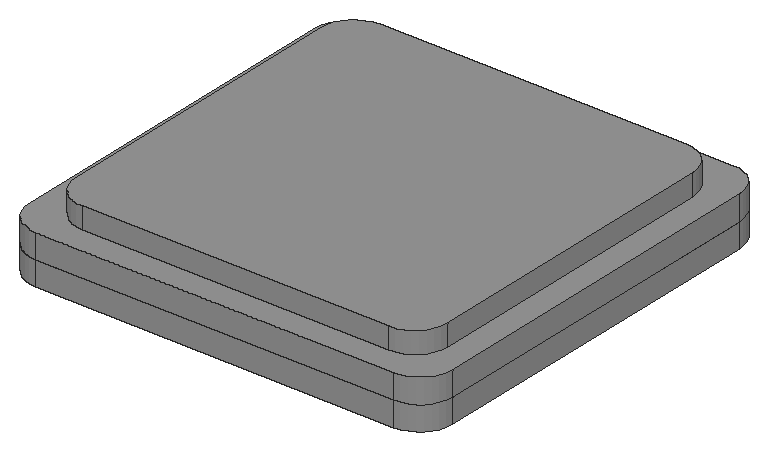
Revit family "FMS2_63_UN_Surface-mounted_ETK", category Lighting Fixtures, Revit 2019 (continued)
Definition of nested family "FMS.2 - Lightsource"
  Types (14, lengths in mm): name | Wattage Comments | Wattage | built-in parameter 1150134 | Photometric Web File | built-in parameter 1150142 | built-in parameter 1150105 | Lumens | built-in parameter 1150107 | built-in parameter 1150106 | Apparent Load
      1.4513\t0\t0\t0\t0\t0\r\n0\r\n473.6291\t473.3725\t472.9875\t472.6026\t472.2176\t471.7043\t471.0627\t470.4211\t469.9078\t469.2662\r\n468.6246\t467.983\t467.2131\t466.4432\t465.6733\t464.6467\t463.7485\t462.8502\t461.952\t460.9254\r\n459.8989\t458.744\t457.7174\t456.5626\t455.2794\t453.9962\t452.713\t451.4298\t450.0182\t448.6067\r\n447.1952\t445.7837\t444.3722\t442.8323\t441.1642\t439.6243\t437.9562\t436.288\t434.6198\t432.8234\r\n430.6419\t428.3322\t426.1507\t423.7126\t421.4029\t418.9648\t416.5267\t414.217\t411.7789\t409.3408\r\n406.7744\t404.3363\t401.8982\t399.3318\t396.8938\t394.199\t391.6326\t389.0662\t386.4998\t383.8051\r\n381.1104\t378.4157\t375.8493\t373.1546\t370.3315\t367.6368\t364.9421\t362.2474\t359.5526\t356.7296\r\n353.9066\t351.2118\t348.3888\t345.1808\t341.9728\t338.6365\t335.4285\t332.0922\t328.8842\t325.5478\r\n322.2115\t319.0035\t315.6672\t312.4592\t309.1229\t305.9149\t302.5786\t299.2422\t295.9059\t292.6979\r\n289.3616\t286.1536\t282.9456\t279.6093\t276.4013\t273.065\t269.857\t266.649\t263.441\t259.9763\r\n256.3834\t252.9187\t249.4541\t245.9894\t242.5248\t238.9318\t235.4672\t231.8742\t228.5379\t225.0733\r\n221.737\t218.2723\t214.936\t211.5997\t208.135\t204.7987\t201.4624\t198.1261\t194.9181\t191.4534\r\n187.7322\t184.1392\t180.5462\t176.825\t173.232\t169.639\t166.0461\t162.5814\t158.9885\t155.5238\r\n152.0592\t148.5946\t145.1299\t141.6653\t138.329\t134.8643\t131.3997\t127.9992\t124.5859\t121.1854\r\n117.8106\t114.4743\t111.1508\t107.8658\t104.5936\t101.3343\t98.1006\t94.867\t91.6333\t88.4381\r\n85.2686\t82.1248\t79.0066\t75.9269\t72.8601\t69.8317\t66.8291\t63.852\t60.9007\t57.9621\r\n55.2546\t52.6882\t50.1346\t47.5939\t45.0788\t42.5637\t40.0743\t37.5849\t35.1084\t32.6446\r\n29.9114\t23.9317\t17.9391\t11.9504\t5.9489\t0\t0\t0\t0\t0\r\n0\r\n473.6291\t473.3725\t473.1158\t472.7309\t472.3459\t471.8326\t471.3194\t470.6778\t470.1645\t469.5229\r\n469.0096\t468.368\t467.5981\t466.8282\t465.9299\t465.0317\t464.1334\t463.2352\t462.337\t461.3104\r\n460.1555\t459.129\t457.9741\t456.6909\t455.536\t454.1245\t452.8413\t451.4298\t450.0182\t448.6067\r\n447.0669\t445.6554\t443.9872\t442.4474\t440.7792\t439.111\t437.4429\t435.6464\t433.9782\t432.1818\r\n430.3853\t428.4605\t426.5357\t424.4826\t422.5578\t420.5046\t418.1949\t415.7568\t413.1904\t410.7523\r\n408.1859\t405.7478\t403.1814\t400.4867\t397.9203\t395.2256\t392.5309\t389.8362\t387.1414\t384.4467\r\n381.6237\t378.929\t376.1059\t373.2829\t370.4598\t367.6368\t364.8138\t361.9907\t359.0394\t356.2163\r\n353.265\t350.4419\t347.4906\t344.6675\t341.7162\t338.7648\t335.8134\t332.8621\t330.039\t327.0877\r\n324.1363\t321.185\t317.977\t314.5123\t311.0477\t307.7114\t304.2467\t300.9104\t297.5741\t294.1094\r\n290.6448\t287.3085\t283.9722\t280.6358\t277.1712\t273.7066\t270.3702\t267.0339\t263.6976\t260.233\r\n256.8966\t253.5603\t250.224\t246.8877\t243.423\t240.0867\t236.8787\t233.5424\t230.2061\t226.6131\r\n223.0202\t219.4272\t215.9626\t212.3696\t208.7766\t205.312\t201.719\t198.2544\t194.9181\t191.4534\r\n188.1171\t184.6525\t181.1878\t177.8515\t174.3869\t171.0506\t167.8426\t164.3779\t160.6566\t157.0637\r\n153.4707\t150.0061\t146.4131\t142.8202\t139.3555\t135.8909\t132.4262\t128.9616\t125.5868\t122.1991\r\n118.7858\t115.3982\t111.9592\t108.5972\t105.2609\t101.9502\t98.6652\t95.4059\t92.1851\t88.9899\r\n85.8204\t82.6894\t79.5841\t76.53\t73.5402\t70.576\t67.6375\t64.7246\t61.8502\t59.0015\r\n56.1785\t53.3683\t50.5966\t47.9788\t45.5151\t43.077\t40.6389\t38.2137\t35.8141\t33.4274\r\n31.0663\t28.718\t24.2525\t17.8236\t11.3858\t4.9378\t0\t0\t0\t0\r\n0\r\n473.6291\t473.3725\t473.1158\t472.8592\t472.6026\t472.0893\t471.576\t470.9344\t470.4211\t469.9078\r\n469.3946\t468.753\t467.983\t467.2131\t466.3149\t465.4166\t464.6467\t463.7485\t462.7219\t461.6954\r\n460.6688\t459.5139\t458.359\t457.0758\t455.7926\t454.3811\t453.0979\t451.6864\t450.2749\t448.735\r\n447.3235\t445.6554\t444.1155\t442.4474\t440.7792\t438.9827\t437.3146\t435.5181\t433.7216\t431.7968\r\n429.872\t427.9472\t425.8941\t423.841\t421.7878\t419.7347\t417.6816\t415.5002\t413.3187\t411.1373\r\n408.8275\t406.6461\t404.208\t401.8982\t399.4602\t396.8938\t394.199\t391.5043\t388.8096\t385.9866\r\n383.1635\t380.2122\t377.3891\t374.4378\t371.6147\t368.6634\t365.712\t362.7606\t359.8093\t356.8579\r\n353.9066\t350.8269\t347.8755\t344.7958\t341.7162\t338.7648\t335.6851\t332.6054\t329.5258\t326.4461\r\n323.3664\t320.2867\t317.207\t314.1274\t311.0477\t307.8397\t304.76\t301.552\t298.4723\t295.3926\r\n292.1846\t288.9766\t285.897\t282.8173\t279.481\t276.0163\t272.4234\t268.9587\t265.4941\t262.0294\r\n258.4365\t254.9718\t251.5072\t247.9142\t244.4496\t240.985\t237.5203\t234.0557\t230.591\t227.1264\r\n223.5334\t220.0688\t216.6042\t213.2678\t209.9315\t206.4669\t203.0022\t199.5376\t196.2013\t192.7366\r\n189.1437\t185.679\t182.0861\t178.4931\t175.0285\t171.4355\t167.9709\t164.5062\t161.0416\t157.7053\r\n154.2406\t150.9043\t147.4397\t144.2317\t140.8954\t137.6874\t134.351\t130.7581\t127.1266\t123.5465\r\n120.0049\t116.5916\t113.2039\t109.8419\t106.4671\t103.1051\t99.7816\t96.5223\t93.3015\t90.055\r\n86.847\t83.6775\t80.5465\t77.4411\t74.3871\t71.3588\t68.3817\t65.4432\t62.556\t59.7201\r\n56.9099\t54.1382\t51.3922\t48.6718\t45.9899\t43.3337\t40.7673\t38.4447\t36.1606\t33.9021\r\n31.6437\t29.3981\t27.1782\t24.9582\t18.3369\t11.2229\t4.0883\t0\t0\t0\r\n0\r\n473.6291\t473.5008\t473.2442\t472.9875\t472.7309\t472.3459\t471.8326\t471.3194\t470.8061\t470.2928\r\n469.7795\t469.1379\t468.4963\t467.5981\t466.8282\t465.9299\t465.16\t464.2618\t463.3635\t462.337\r\n461.1821\t460.1555\t458.8723\t457.7174\t456.3059\t455.0227\t453.6112\t452.1997\t450.7882\t449.2483\r\n447.7085\t446.1686\t444.5005\t442.8323\t441.1642\t439.3677\t437.5712\t435.7747\t433.8499\t431.9251\r\n430.0003\t427.9472\t425.8941\t423.841\t421.7878\t419.6064\t417.425\t415.2435\t412.9338\t410.624\r\n408.3142\t406.0045\t403.5664\t401.1283\t398.6902\t396.2522\t393.8141\t391.2477\t388.6813\t386.1149\r\n383.4202\t380.8538\t378.159\t375.4643\t372.6413\t369.9466\t367.2518\t364.5571\t361.7341\t358.7827\r\n355.703\t352.6234\t349.4154\t346.3357\t343.256\t340.1763\t336.9683\t333.7603\t330.5523\t327.4726\r\n324.2646\t321.0566\t317.8486\t314.6406\t311.3043\t308.0963\t304.8883\t301.552\t298.344\t295.136\r\n291.928\t288.5917\t285.2554\t282.0474\t278.8394\t275.6314\t272.295\t268.9587\t265.6224\t262.4144\r\n259.0781\t255.7418\t252.5338\t249.3258\t245.9894\t242.7814\t239.3168\t235.9805\t232.7725\t229.5645\r\n226.0998\t222.5069\t218.7856\t215.1926\t211.4714\t208.0067\t204.4138\t200.8208\t197.3562\t193.7632\r\n190.1702\t186.5773\t182.9843\t179.5197\t176.055\t172.5904\t169.1258\t165.5328\t162.1965\t158.7318\r\n155.2672\t151.9309\t148.5946\t145.0016\t141.4086\t137.944\t134.4794\t131.0147\t127.6656\t124.2908\r\n120.9416\t117.6053\t114.3075\t111.1123\t107.9684\t104.8631\t101.6423\t98.2033\t94.7772\t91.3895\r\n88.066\t84.8067\t81.6115\t78.4933\t75.388\t72.334\t69.2928\t66.2901\t63.3516\t60.4644\r\n57.6413\t54.8696\t52.1364\t49.4417\t46.7855\t44.1806\t41.5885\t39.0349\t36.4942\t33.9663\r\n31.5154\t29.1415\t26.7932\t24.4706\t22.1865\t18.6834\t10.9136\t3.1503\t0\t0\r\n0\r\n473.6291\t473.5008\t473.3725\t473.2442\t472.9875\t472.6026\t472.0893\t471.7043\t471.191\t470.8061\r\n470.2928\t469.6512\t469.0096\t468.2397\t467.3414\t466.5715\t465.9299\t465.0317\t464.0051\t462.9786\r\n461.952\t460.7971\t459.7706\t458.4874\t457.0758\t455.7926\t454.3811\t453.0979\t451.5581\t450.1466\r\n448.6067\t446.9386\t445.2704\t443.6022\t441.9341\t440.2659\t438.4694\t436.5446\t434.6198\t432.695\r\n430.6419\t428.5888\t426.5357\t424.4826\t422.4294\t420.248\t417.9382\t415.7568\t413.3187\t411.009\r\n408.6992\t406.3894\t403.823\t401.385\t398.9469\t396.3805\t393.8141\t391.2477\t388.6813\t385.9866\r\n383.2918\t380.5971\t377.7741\t375.0794\t372.2563\t369.5616\t366.7386\t363.9155\t361.0925\t358.1411\r\n355.1898\t352.2384\t349.287\t346.3357\t343.3843\t340.3046\t337.3533\t334.2736\t331.3222\t328.2426\r\n325.1629\t322.0832\t318.8752\t315.7955\t312.5875\t309.3795\t306.2998\t303.2202\t300.1405\t296.8042\r\n293.5962\t290.3882\t287.1802\t283.7155\t280.2509\t276.9146\t273.4499\t270.1136\t266.7773\t263.3126\r\n259.848\t256.3834\t252.9187\t249.4541\t245.9894\t242.6531\t239.1885\t235.8522\t232.3875\t228.9229\r\n225.4582\t221.9936\t218.6573\t215.1926\t211.8563\t208.3917\t204.927\t201.5907\t198.1261\t194.7898\r\n191.3251\t187.8605\t184.3958\t181.0595\t177.5949\t174.2586\t170.9222\t167.5859\t164.3779\t161.0416\r\n157.3203\t153.7274\t150.0061\t146.4131\t142.8202\t139.3555\t135.8909\t132.4262\t128.9616\t125.4841\r\n121.9553\t118.5035\t115.1415\t111.8052\t108.5459\t105.3122\t102.0016\t98.6139\t95.2263\t91.9028\r\n88.6306\t85.4868\t82.3814\t79.3146\t76.2862\t73.2836\t70.3579\t67.4065\t64.3396\t61.337\r\n58.3856\t55.5369\t52.7908\t50.109\t47.1961\t44.1549\t41.1522\t38.1752\t35.211\t32.2981\r\n29.4494\t26.6777\t23.9958\t21.4808\t19.402\t17.3874\t15.4241\t10.3195\t2.125\t0\r\n0\r\n473.6291\t473.6291\t473.5008\t473.3725\t473.2442\t472.8592\t472.3459\t471.961\t471.576\t471.191\r\n470.8061\t470.1645\t469.5229\t468.753\t467.983\t467.3414\t466.6998\t465.8016\t464.9034\t463.8768\r\n462.8502\t461.8237\t460.6688\t459.3856\t458.1024\t456.8192\t455.536\t454.1245\t452.713\t451.3014\r\n449.7616\t448.2218\t446.5536\t444.8854\t443.2173\t441.4208\t439.7526\t437.8278\t435.903\t433.9782\r\n431.9251\t430.0003\t427.9472\t425.8941\t423.7126\t421.5312\t419.3498\t416.9117\t414.6019\t412.2922\r\n409.9824\t407.5443\t405.1062\t402.6682\t400.1018\t397.5354\t394.969\t392.4026\t389.8362\t387.1414\r\n384.4467\t381.6237\t378.929\t376.1059\t373.4112\t370.5882\t367.7651\t364.9421\t361.9907\t359.0394\r\n356.088\t353.1366\t350.1853\t347.1056\t344.0259\t340.9462\t337.9949\t334.9152\t331.8355\t328.7558\r\n325.5478\t322.4682\t319.2602\t316.0522\t312.8442\t309.6362\t306.5565\t303.3485\t300.0122\t296.8042\r\n293.5962\t290.3882\t287.0518\t283.7155\t280.3792\t277.0429\t273.8349\t270.4986\t267.1622\t263.8259\r\n260.3613\t257.025\t253.6886\t250.224\t246.8877\t243.423\t240.0867\t236.6221\t233.1574\t229.8211\r\n226.3565\t223.0202\t219.5555\t216.2192\t212.7546\t209.2899\t205.8253\t202.3606\t198.896\t195.4314\r\n191.9667\t188.5021\t185.1658\t181.7011\t178.2365\t174.7718\t171.3072\t167.9709\t164.5062\t160.9133\r\n157.4486\t153.984\t150.5194\t147.0547\t143.5901\t140.1254\t136.6608\t133.1962\t129.7315\t126.3824\r\n122.9947\t119.6071\t116.2066\t112.8189\t109.5083\t106.249\t102.9896\t99.7688\t96.5351\t93.2758\r\n90.0421\t86.8213\t83.6775\t80.6876\t77.5053\t74.2588\t71.0764\t68.0738\t65.0839\t62.094\r\n59.1427\t56.3325\t53.5993\t50.8917\t48.0173\t45.0916\t42.0633\t38.9708\t35.75\t32.2212\r\n28.7308\t25.3817\t22.3148\t19.6458\t17.182\t14.9236\t12.8051\t11.1061\t9.6702\t1.3345\r\n0\r\n473.6291\t473.6291\t473.6291\t473.5008\t473.3725\t473.1158\t472.7309\t472.3459\t472.0893\t471.7043\r\n471.4477\t470.8061\t470.2928\t469.5229\t468.753\t468.1114\t467.5981\t466.6998\t465.8016\t464.9034\r\n463.8768\t462.8502\t461.8237\t460.6688\t459.3856\t458.1024\t456.9475\t455.536\t454.1245\t452.713\r\n451.3014\t449.7616\t448.0934\t446.5536\t444.8854\t443.2173\t441.5491\t439.6243\t437.6995\t435.7747\r\n433.8499\t431.9251\t430.0003\t427.9472\t425.8941\t423.5843\t421.4029\t419.0931\t416.7834\t414.4736\r\n412.2922\t409.8541\t407.416\t404.9779\t402.5398\t399.9734\t397.407\t394.8406\t392.2742\t389.5795\r\n386.8848\t384.1901\t381.4954\t378.6723\t375.9776\t373.1546\t370.3315\t367.5085\t364.5571\t361.6058\r\n358.7827\t355.8314\t352.88\t349.672\t346.5923\t343.641\t340.6896\t337.6099\t334.6586\t331.4506\r\n328.2426\t325.1629\t322.0832\t318.8752\t315.5389\t312.3309\t309.2512\t305.9149\t302.7069\t299.4989\r\n296.2909\t292.9546\t289.7466\t286.4102\t282.9456\t279.7376\t276.4013\t273.065\t269.7286\t266.3923\r\n263.056\t259.7197\t256.255\t252.7904\t249.4541\t245.9894\t242.6531\t239.1885\t235.7238\t232.2592\r\n228.9229\t225.4582\t222.1219\t218.529\t215.0643\t211.5997\t208.135\t204.6704\t201.2058\t197.6128\r\n194.1482\t190.6835\t187.3472\t183.7542\t180.2896\t176.6966\t173.232\t169.8957\t166.431\t162.8381\r\n159.2451\t155.7805\t152.3158\t148.9795\t145.6432\t142.1786\t138.7139\t135.121\t131.528\t128.1917\r\n124.8297\t121.4036\t117.9774\t114.5641\t111.138\t107.8658\t104.5808\t101.2188\t97.8568\t94.5333\r\n91.2227\t87.912\t84.5885\t81.4319\t78.2624\t75.1827\t72.103\t69.1388\t66.1618\t63.2746\r\n60.3874\t57.5515\t54.7156\t52.0081\t49.2877\t46.6956\t44.1036\t41.55\t38.9964\t36.43\r\n33.8636\t31.5667\t29.2826\t27.1525\t25.0096\t23.0334\t21.0573\t19.3892\t17.7082\t13.8971\r\n7.0255\r\n473.6291\t473.6291\t473.5008\t473.3725\t473.2442\t472.8592\t472.4742\t472.2176\t471.8326\t471.4477\r\n471.0627\t470.4211\t469.9078\t469.1379\t468.368\t467.7264\t467.0848\t466.1866\t465.2883\t464.2618\r\n463.3635\t462.2086\t461.1821\t459.8989\t458.6157\t457.3325\t456.0493\t454.7661\t453.3546\t451.943\r\n450.4032\t448.8634\t447.1952\t445.6554\t443.9872\t442.1907\t440.5226\t438.5978\t436.673\t434.7482\r\n432.8234\t430.7702\t428.8454\t426.7923\t424.6109\t422.4294\t420.248\t417.9382\t415.6285\t413.3187\r\n411.009\t408.5709\t406.1328\t403.6947\t401.2566\t398.6902\t396.1238\t393.5574\t390.8627\t388.2963\r\n385.6016\t382.9069\t380.0838\t377.3891\t374.6944\t371.8714\t369.0483\t366.097\t363.2739\t360.3226\r\n357.3712\t354.4198\t351.4685\t348.5171\t345.4374\t342.3578\t339.4064\t336.3267\t333.247\t330.1674\r\n326.9594\t323.8797\t320.6717\t317.592\t314.384\t311.176\t307.968\t304.76\t301.552\t298.2157\r\n295.0077\t291.7997\t288.5917\t285.2554\t281.919\t278.5827\t275.3747\t272.0384\t268.7021\t265.3658\r\n262.0294\t258.6931\t255.2285\t251.8922\t248.4275\t245.0912\t241.7549\t238.4186\t234.9539\t231.4893\r\n228.153\t224.6883\t221.352\t217.8874\t214.4227\t210.9581\t207.4934\t204.1571\t200.5642\t197.0995\r\n193.7632\t190.2986\t186.9622\t183.4976\t180.033\t176.5683\t173.1037\t169.7674\t166.1744\t162.7098\r\n159.2451\t155.6522\t152.1875\t148.7229\t145.2582\t141.7936\t138.2006\t134.6077\t131.143\t127.7811\r\n124.3806\t120.9929\t117.6823\t114.3973\t111.0481\t107.6861\t104.4268\t101.2188\t97.9852\t94.7387\r\n91.4922\t88.2713\t85.1147\t82.0606\t78.8398\t75.6318\t72.4366\t69.3698\t66.3286\t63.4029\r\n60.567\t57.7825\t55.0108\t52.2519\t49.4802\t46.7855\t44.2319\t41.7682\t39.4199\t36.8407\r\n34.2614\t31.7977\t29.4623\t27.2552\t25.1892\t23.0591\t20.9803\t19.171\t17.5285\t2.4573\r\n0\r\n473.6291\t473.6291\t473.5008\t473.3725\t473.1158\t472.7309\t472.3459\t471.961\t471.576\t471.191\r\n470.8061\t470.1645\t469.5229\t468.753\t467.983\t467.3414\t466.5715\t465.6733\t464.775\t463.8768\r\n462.8502\t461.8237\t460.6688\t459.5139\t458.2307\t456.9475\t455.536\t454.2528\t452.8413\t451.4298\r\n449.8899\t448.3501\t446.6819\t445.1421\t443.4739\t441.8058\t440.0093\t438.2128\t436.288\t434.3632\r\n432.3101\t430.3853\t428.3322\t426.279\t424.2259\t422.0445\t419.863\t417.6816\t415.3718\t413.0621\r\n410.7523\t408.3142\t406.0045\t403.5664\t401\t398.5619\t395.9955\t393.4291\t390.8627\t388.168\r\n385.6016\t382.9069\t380.2122\t377.5174\t374.8227\t372.128\t369.305\t366.4819\t363.6589\t360.7075\r\n357.7562\t354.8048\t351.9818\t349.0304\t346.079\t343.1277\t340.048\t337.0966\t334.017\t330.9373\r\n327.8576\t324.7779\t321.6982\t318.6186\t315.5389\t312.4592\t309.2512\t306.1715\t303.0918\t299.7555\r\n296.5475\t293.4678\t290.1315\t286.6669\t283.3306\t279.9942\t276.6579\t273.1933\t269.857\t266.5206\r\n263.056\t259.7197\t256.255\t252.7904\t249.3258\t245.8611\t242.5248\t239.0602\t235.7238\t232.2592\r\n228.7946\t225.4582\t221.9936\t218.529\t215.1926\t211.728\t208.2634\t204.927\t201.4624\t198.1261\r\n194.6614\t191.1968\t187.8605\t184.5242\t181.0595\t177.7232\t174.3869\t170.9222\t167.5859\t164.2496\r\n160.6566\t157.0637\t153.3424\t149.7494\t146.1565\t142.6918\t139.2272\t135.6342\t132.1696\t128.705\r\n125.2147\t121.8013\t118.4137\t115.0517\t111.6897\t108.3534\t105.0684\t101.7321\t98.3829\t95.0723\r\n91.7873\t88.5408\t85.3585\t82.2146\t79.1221\t76.0938\t73.2194\t70.268\t67.1884\t64.1728\r\n61.2343\t58.3471\t55.5112\t52.7267\t50.0063\t47.3372\t44.7452\t42.2301\t39.792\t37.3283\r\n34.8004\t32.3366\t29.9499\t27.653\t25.5742\t23.5467\t21.5449\t14.6926\t3.0335\t0\r\n0\r\n473.6291\t473.5008\t473.3725\t473.2442\t472.9875\t472.6026\t472.2176\t471.8326\t471.3194\t470.9344\r\n470.5494\t469.9078\t469.2662\t468.4963\t467.7264\t466.9565\t466.3149\t465.4166\t464.5184\t463.4918\r\n462.4653\t461.4387\t460.4122\t459.2573\t457.9741\t456.6909\t455.2794\t453.9962\t452.5846\t451.1731\r\n449.7616\t448.2218\t446.6819\t445.0138\t443.3456\t441.6774\t440.0093\t438.2128\t436.4163\t434.4915\r\n432.5667\t430.5136\t428.5888\t426.5357\t424.4826\t422.4294\t420.248\t418.0666\t415.8851\t413.5754\r\n411.3939\t408.9558\t406.6461\t404.3363\t402.0266\t399.4602\t397.0221\t394.584\t392.0176\t389.4512\r\n386.8848\t384.1901\t381.6237\t379.0573\t376.3626\t373.7962\t371.1014\t368.2784\t365.4554\t362.6323\r\n359.681\t356.6013\t353.3933\t350.3136\t347.2339\t344.2826\t341.0746\t337.9949\t334.7869\t331.7072\r\n328.4992\t325.2912\t322.0832\t318.8752\t315.6672\t312.4592\t309.3795\t306.1715\t302.9635\t299.7555\r\n296.5475\t293.2112\t290.0032\t286.7952\t283.5872\t280.2509\t276.9146\t273.7066\t270.4986\t267.2906\r\n263.9542\t260.7462\t257.4099\t254.2019\t250.8656\t247.5293\t244.3213\t240.985\t237.777\t234.569\r\n230.976\t227.383\t223.6618\t220.1971\t216.6042\t213.0112\t209.4182\t205.8253\t202.3606\t198.7677\r\n195.303\t191.7101\t188.2454\t184.6525\t181.0595\t177.5949\t174.1302\t170.6656\t167.201\t163.8646\r\n160.5283\t157.0637\t153.599\t150.0061\t146.5414\t142.9485\t139.4838\t136.0192\t132.6829\t129.2182\r\n125.8306\t122.5456\t119.2863\t116.0398\t112.8189\t109.6366\t106.3388\t102.8228\t99.3582\t95.9577\r\n92.5957\t89.3364\t86.1156\t82.9332\t79.7894\t76.7097\t73.6557\t70.6145\t67.6246\t64.6733\r\n61.7861\t58.963\t56.1913\t53.4838\t50.7377\t48.0173\t45.3611\t42.7434\t40.1642\t37.6363\r\n35.2623\t32.9526\t30.6813\t28.4357\t26.2029\t22.4047\t13.1143\t3.7893\t0\t0\r\n0\r\n473.6291\t473.5008\t473.3725\t473.1158\t472.9875\t472.4742\t472.0893\t471.576\t471.191\t470.6778\r\n470.2928\t469.7795\t469.0096\t468.368\t467.4698\t466.6998\t466.0582\t465.2883\t464.2618\t463.3635\r\n462.337\t461.3104\t460.2838\t459.2573\t457.
